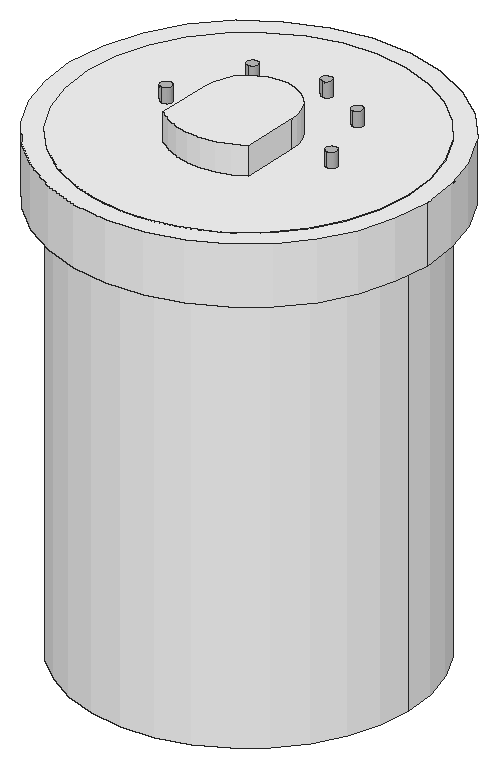
Revit family "VIESSMANN - Vitocell 100-W CUG CUGA CUGA-A 120-150 L", category Wyposażenie mechaniczne, Revit 2017
Family settings
  Wymiar okrągłego złącza = Użyj średnicy
  Typ części = Normalny
  Numer OmniClass = 23.65.35.11.11
  Tytuł OmniClass = Storage Water Heaters
  Oparty na płaszczyźnie roboczej = Nie
  Zawsze pionowo = Tak
  Tnij formami wycięć po wczytaniu = Nie
  Współdzielony = Nie
  Punkt obliczania pomieszczeń = Nie
Parameters (values of type "Zbiornik CUGA 120L")
  Średnica = 596 mm
  Zimna woda użytkowa = 3/4"  # constant formula
  Zasilanie wody grzewczej = 1"  # constant formula
  Wysokość = 914 mm
  Viessmann Kolor 3 = Viessmann Kolor 3
  Viessmann Kolor 2 = Viessmann Kolor 2
  Viessmann Kolor 1 = Viessmann Kolor 1
  Powrót wody grzewczej = 1"  # constant formula
  Powierzchnia grzewcza = 1.0 m²  # constant formula
  Pojemność podgrzewacza = 120.0 L
  Opis indeksowy = "9W245/11-13MC/E"  # constant formula
  Numer identyfikacyjny produktu = "9W245/11-13MC/E"  # constant formula
  Masa całkowita = 75.00 kg
  Linia modelu = Średnica + 70 mm  # 666 mm
  Klasa efektywności energetycznej = "B"
  Ilość ciepła dyżurnego = "1.10 kWh/24h"
  URL = "https://www.viessmann-projektant.pl/baza-urzadzen/zbiorniki-buforowe-i-cwu/podgrzewaczebiwalentne"
  Producent = "Viessmann Sp.z.o.o."  # constant formula
  Opis = "Podgrzewacz pojemnościowy"  # constant formula
  Model = "Podgrzewacz pojemnościowy Viessmann Vitocell 100-W CUGA 120L / Hot water storage tank Viessmann Vitocell 100-W CUGA 120L"
  Długość = 596 mm
  Dop. temperatura po stronie wody grzewczej = 160 °C  # constant formula
  Dop. temperatura po stronie cwu = 95 °C  # constant formula
  Dop. ciśnienie robocze po stronie wody użytkowej = 1000.000 kPa  # constant formula
  Dop. ciśnienie robocze po stronie wody grzewczej = 1000.000 kPa  # constant formula
  Cyrkulacja = 3/4"  # constant formula
  Ciepła woda użytkowa = 3/4"  # constant formula
  Autor = "https://www.archispace.pl/"
Types (5, lengths in mm): name | Średnica | Wysokość | Pojemność podgrzewacza | Masa całkowita | Linia modelu | Klasa efektywności energetycznej | Ilość ciepła dyżurnego | Model | Długość
  (no name) | 596 | 914 | 120.0 L | 75.00 kg | 666 | "B" | "1.10 kWh/24h" | "Podgrzewacz pojemnościowy Viessmann Vitocell 100-W CUGA 120L / Hot water storage tank Viessmann Vitocell 100-W CUGA 120L" | 596
  Zbiornik CUGA 150L | 641 | 942 | 150.0 L | 88.00 kg | 711 | "B" | "1.21 kWh/24h" | "Podgrzewacz pojemnościowy Viessmann Vitocell 100-W CUGA 150L / Hot water storage tank Viessmann Vitocell 100-W CUGA 150L" | 641
  Zbiornik CUGA 120L | 596 | 914 | 120.0 L | 75.00 kg | 666 | "B" | "1.10 kWh/24h" | "Podgrzewacz pojemnościowy Viessmann Vitocell 100-W CUGA 120L / Hot water storage tank Viessmann Vitocell 100-W CUGA 120L" | 596
  Zbiornik CUGA-A 120L | 596 | 914 | 120.0 L | 75.00 kg | 666 | "A" | "0.75 kWh/24h" | "Podgrzewacz pojemnościowy Viessmann Vitocell 100-W CUGA-A 120L / Hot water storage tank Viessmann Vitocell 100-W CUGA-A 120L" | 596
  Zbiornik CUGA-A 150L | 641 | 942 | 150.0 L | 88.00 kg | 711 | "A" | "0.84 kWh/24h" | "Podgrzewacz pojemnościowy Viessmann Vitocell 100-W CUGA-A 150L / Hot water storage tank Viessmann Vitocell 100-W CUGA-A 150L" | 641
Reference planes
  plane 1 "Środek (Przód/Tył)": y = 0
  plane 2: z = 0
  plane 3 "Środek (Lewa/Prawa)": x = 0
  plane 4 "Góra": z = 942
Forms (mm)
  Extrusion 1, solid, material "Viessmann Kolor 1" <- "Viessmann Kolor 1", detail levels medium+fine
    sketch origin (0, 0, 0) x (1, 0, 0) y (0, 1, 0)
      loop
        circle (0, 0) r 298
    from 30.413 to 891.782
  Extrusion 2, solid, material "Viessmann Kolor 3" <- "Viessmann Kolor 3", detail levels medium+fine
    sketch origin (0, 0, 0) x (1, 0, 0) y (0, 1, 0)
      loop
        circle (-108.119, 120.489) r 30
      loop
        circle (119.162, 122.649) r 30
      loop
        circle (-0.06, -159.663) r 30
    from 0 to 9.205
  Extrusion 3, solid, material "Viessmann Kolor 3" <- "Viessmann Kolor 3", detail levels medium+fine
    sketch origin (0, 0, 0) x (1, 0, 0) y (0, 1, 0)
      loop
        circle (-108.615, 121.789) r 10
      loop
        circle (119.56, 122.578) r 10
      loop
        circle (0.055, -159.745) r 10
    from 9.205 to 30.413
  Extrusion 4, solid, material "Viessmann Kolor 1" <- "Viessmann Kolor 1", detail levels medium+fine
    sketch origin (0, 0, 942) x (-1, 0, 0) y (0, -1, 0)
      loop
        line (80, 0) -> (80, 100)
        arc (80, 100) -> (0, 126.167) -> (-80, 100) r 135.375
        line (-80, 100) -> (-80, 0)
        arc (-80, 0) -> (0, -80) -> (80, 0) r 80
    from -50.218 to 0
  Sweep 5, solid, material "Viessmann Kolor 2" <- "Viessmann Kolor 2"
    path origin (0, 0, 0) x (0, 1, 0) y (0, 0, 1)
      loop
        line (0, 742) -> (0, 917)
    profile origin (0, 0, 829.5) x (0, -1, 0) y (1, 0, 0)
      loop
        circle (0, -154) r 10
      loop
        circle (0, 154) r 10
      loop
        circle (-128.451, -95.395) r 9.525
      loop
        circle (-158.975, 18.082) r 9.525
      loop
        circle (-118.362, 107.659) r 9.525
  Sweep 6, solid
    path origin (0, 0, 0) x (0, 1, 0) y (0, 0, 1)
      loop
        line (0, 623.892) -> (320.886, 623.892)
    profile origin (0, 160.443, 623.892) x (0, 0, 1) y (1, 0, 0)
      loop
        circle (-439.892, 0) r 9.525
  Extrusion 7, solid, material "Viessmann Kolor 1" <- "Viessmann Kolor 1", detail levels medium+fine
    sketch origin (0, 0, 942) x (-1, 0, 0) y (0, -1, 0)
      loop
        circle (0, -0.323) r 333
    from -155.655 to -50.218
  Extrusion 8, solid, material "Viessmann Kolor 1" <- "Viessmann Kolor 1", detail levels coarse
    sketch origin (0, 0, 942) x (-1, 0, 0) y (0, -1, 0)
      loop
        circle (0, 0) r 298
    from -942 to -50.218
Cuts and joins
  joined: Extrusion 2, Extrusion 3
Lines and regions (mm)
  reference lines
    curve 1: circle (0, 0, 942) r 160 normal (0, 0, 1)
Dimensions and locks
  plane 4 "Góra" to level = 942 mm
  locked: Sweep 5 sketch curve to plane 3 "Środek (Lewa/Prawa)" at 154
  plane 3 "Środek (Lewa/Prawa)" to Sweep 5 sketch curve = 154 mm
  locked: Extrusion 7 to Extrusion 7 at 105.437
  locked: plane 4 "Góra" to Extrusion 7 at 50.218
  locked: Sweep 6 sketch curve to Sweep 6 sketch curve (diameter 19.05 mm)
  "Linia modelu": diameter of Extrusion 7 sketch curve
  "Średnica": diameter of Extrusion 1 sketch curve
  locked: Sweep 5 sketch curve to Sweep 5 sketch curve (diameter 19.05 mm)  (x3)
  "Średnica": diameter of Extrusion 8 sketch curve
  aligned and locked: level to plane 2
  aligned and locked: Extrusion 1 to Extrusion 4
  aligned and locked: Extrusion 7 to Extrusion 1
  aligned and locked: plane 1 "Środek (Przód/Tył)" to Extrusion 8 sketch curve
  aligned and locked: plane 3 "Środek (Lewa/Prawa)" to Extrusion 8 sketch curve
  aligned and locked: Extrusion 8 to level
  aligned and locked: Extrusion 8 to Extrusion 1
Automatic sketch dimensions
  Extrusion 3 sketch curve to plane 3 "Środek (Lewa/Prawa)" = 108.615 mm
  plane 3 "Środek (Lewa/Prawa)" to Extrusion 3 sketch curve = 0.055 mm
  plane 3 "Środek (Lewa/Prawa)" to Extrusion 3 sketch curve = 119.56 mm
  plane 1 "Środek (Przód/Tył)" to Extrusion 3 sketch curve = 159.745 mm
  Extrusion 3 sketch curve to plane 1 "Środek (Przód/Tył)" = 121.789 mm
  Extrusion 3 sketch curve to plane 1 "Środek (Przód/Tył)" = 122.578 mm
  Extrusion 2 sketch curve to plane 3 "Środek (Lewa/Prawa)" = 108.119 mm
  Extrusion 2 sketch curve to plane 3 "Środek (Lewa/Prawa)" = 0.06 mm
  plane 3 "Środek (Lewa/Prawa)" to Extrusion 2 sketch curve = 119.162 mm
  plane 1 "Środek (Przód/Tył)" to Extrusion 2 sketch curve = 159.663 mm
  Extrusion 2 sketch curve to plane 1 "Środek (Przód/Tył)" = 120.489 mm
  Extrusion 2 sketch curve to plane 1 "Środek (Przód/Tył)" = 122.649 mm
  plane 1 "Środek (Przód/Tył)" to Extrusion 4 sketch curve = 0 mm
  Extrusion 4 sketch curve to plane 3 "Środek (Lewa/Prawa)" = 0 mm  (x2)
  Extrusion 4 sketch curve to Extrusion 4 sketch curve = 80 mm
  Extrusion 4 sketch curve to plane 1 "Środek (Przód/Tył)" = 9.208 mm
  Extrusion 4 sketch curve to Extrusion 4 sketch curve = 100 mm
  Sweep 5 sketch curve to plane 1 "Środek (Przód/Tył)" = 0 mm
  Sweep 5 sketch curve to plane 4 "Góra" = 200 mm
  Sweep 5 sketch curve to plane 4 "Góra" = 25 mm
  Sweep 6 sketch curve to plane 1 "Środek (Przód/Tył)" = 0 mm
  Sweep 6 sketch curve to plane 4 "Góra" = 318.108 mm
  Sweep 6 sketch curve to plane 1 "Środek (Przód/Tył)" = 320.886 mm
  plane 1 "Środek (Przód/Tył)" to curve 1 = 0 mm
  curve 1 to plane 3 "Środek (Lewa/Prawa)" = 0 mm
  Sweep 5 sketch curve to profile plane = 0 mm  (x2)
  profile plane to Sweep 5 sketch curve = 118.362 mm
  profile plane to Sweep 5 sketch curve = 128.451 mm
  plane 3 "Środek (Lewa/Prawa)" to Sweep 5 sketch curve = 18.082 mm
  Sweep 5 sketch curve to Sweep 5 sketch curve = 40.613 mm
  Sweep 5 sketch curve to plane 3 "Środek (Lewa/Prawa)" = 95.395 mm
  Sweep 5 sketch curve to Sweep 5 sketch curve = 89.576 mm
  Sweep 6 sketch curve to plane 3 "Środek (Lewa/Prawa)" = 0 mm
  profile plane to Sweep 6 sketch curve = 439.892 mm
  plane 1 "Środek (Przód/Tył)" to Extrusion 1 sketch curve = 0 mm
  Extrusion 1 sketch curve to plane 3 "Środek (Lewa/Prawa)" = 0 mm
  Extrusion 7 sketch curve to plane 3 "Środek (Lewa/Prawa)" = 0 mm
  Extrusion 7 sketch curve to plane 1 "Środek (Przód/Tył)" = 0.323 mm
  radius of Extrusion 3 sketch curve = 10 mm  (x3)
  radius of Extrusion 2 sketch curve = 30 mm  (x3)
  radius of curve 1 = 160 mm
  radius of Sweep 5 sketch curve = 10 mm  (x2)
Connectors
  piping at (-154, 0, 917), diameter 25.4, driven by "Zasilanie wody grzewczej"
    settings: on Sweep 5, index 1, connector inside diameter 24", connector length 0 mm, flow factor 0, pipe flow 0.000 m³/h, pressure drop 0.000 kPa, fitting loss kfactor 0, connector angle 0.00°, fixture units 0, engagement length 0 mm, angle of deflection 0.00°, flow configuration 0, flow direction 2, fitting loss method 2, system type 7, joint type 0, gender type 0, connector reference index -1, connector utility 0, adjustable connector no, is connector primary yes, connector description ""
  piping at (-95.395, 128.451, 917), diameter 19.05, driven by "Ciepła woda użytkowa"
    settings: on Sweep 5, index 2, connector inside diameter 24", connector length 0 mm, flow factor 0, pipe flow 0.590 m³/h, pressure drop 4.200 kPa, fitting loss kfactor 0, connector angle 0.00°, fixture units 0, engagement length 0 mm, angle of deflection 0.00°, flow configuration 0, flow direction 2, fitting loss method 4, system type 19, joint type 0, gender type 0, connector reference index -1, connector utility 0, adjustable connector no, is connector primary no, connector description ""
  piping at (18.082, 158.975, 917), diameter 19.05, driven by "Zimna woda użytkowa"
    settings: on Sweep 5, index 3, connector inside diameter 24", connector length 0 mm, flow factor 0, pipe flow 0.590 m³/h, pressure drop 4.200 kPa, fitting loss kfactor 0, connector angle 0.00°, fixture units 0, engagement length 0 mm, angle of deflection 0.00°, flow configuration 0, flow direction 0, fitting loss method 4, system type 20, joint type 0, gender type 0, connector reference index -1, connector utility 0, adjustable connector no, is connector primary no, connector description ""
  piping at (107.659, 118.362, 917), diameter 19.05, driven by "Cyrkulacja"
    settings: on Sweep 5, index 4, connector inside diameter 24", connector length 0 mm, flow factor 0, pipe flow 0.000 m³/h, pressure drop 0.000 kPa, fitting loss kfactor 0, connector angle 0.00°, fixture units 0, engagement length 0 mm, angle of deflection 0.00°, flow configuration 0, flow direction 2, fitting loss method 4, system type 22, joint type 0, gender type 0, connector reference index -1, connector utility 0, adjustable connector no, is connector primary no, connector description ""
  piping at (154, 0, 917), diameter 25.4, driven by "Powrót wody grzewczej"
    settings: on Sweep 5, index 5, connector inside diameter 24", connector length 0 mm, flow factor 0, pipe flow 0.000 m³/h, pressure drop 0.000 kPa, fitting loss kfactor 0, connector angle 0.00°, fixture units 0, engagement length 0 mm, angle of deflection 0.00°, flow configuration 0, flow direction 1, fitting loss method 4, system type 8, joint type 0, gender type 0, connector reference index -1, connector utility 0, adjustable connector no, is connector primary no, connector description ""
  piping at (0, 320.886, 184), diameter 19.05
    settings: on Sweep 6, index 6, connector inside diameter 24", connector length 0 mm, flow factor 0, pipe flow 0.000 m³/h, pressure drop 0.000 kPa, fitting loss kfactor 0, connector angle 0.00°, fixture units 0, engagement length 0 mm, angle of deflection 0.00°, flow configuration 0, flow direction 0, fitting loss method 0, system type 28, joint type 0, gender type 0, connector reference index -1, connector utility 0, adjustable connector no, is connector primary no, connector description ""
